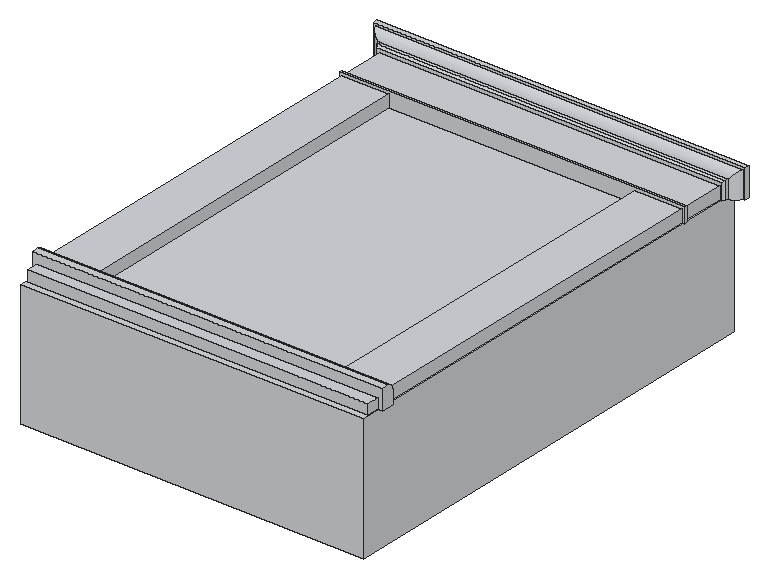
Revit family "M_Moldura-janela-interior-plana-cornija-vitoriana-1", category Modelos genéricos, Revit 2019
Family settings
  Hospedeiro = Face
  Pode hospedar o vergalhão = Não
  Cota do conector redondo = Utilizar diâmetro
  Tipo de parte = Normal
  Corte com vazios quando carregada = Não
  Compartilhado = Sim
  Ponto de cálculo do ambiente = Não
Parameters (values of type "com escudo")
  Largura da apara = 115 mm
  Espessura da apara = 30 mm
  Material da apara [instance] = none
  Espessura do peitoril = 30 mm
  Largura da abertura [instance] = 600 mm
  Altura da abertura [instance] = 900 mm
  Comprimento = Espessura da cornija * 0.8  # 32 mm
  Elevação-padrão = 1200 mm
  Espessura da cornija = 40 mm
  Profundidade de Cornija = Espessura da apara + 40 mm  # 70 mm
  Visibilidade do escudo = yes
  Espessura do escudo = 30 mm
Types (2, lengths in mm): name | Visibilidade do escudo
  com escudo | yes
  sem escudo | no
Reference planes
  plane 1 "Centro (Frente/Trás)": y = 0
  plane 2: z = 0
  plane 3 "Centro (Esquerda/Direita)": x = 0
  plane 4: y = 115
  plane 5 "Esquerda": x = -300
  plane 6 "Direita": x = 300
  plane 7 "Inferior": y = -900
  plane 8: x = 415
  plane 9 "1": x = -415
  plane 10: z = 30
  plane 11: x = 421.35
  plane 12: x = -421.35
  plane 13: y = -450
  plane 14: y = 155
  plane 15: z = 70
  plane 16: z = 48.625
  plane 17: x = -453.35
  plane 18: x = 453.35
  plane 19: y = -930
  plane 20: x = -427.7
  plane 21: x = 427.7
  plane 22: y = 137.857
  plane 23: y = 126.429
  plane 24: z = 39.688
  plane 25: z = 37.937
  plane 26: z = 59.312
  plane 27: y = 149.286
  plane 28: y = 132.143
  plane 29: y = 120.714
  plane 30: y = 143.571
  plane 31: z = 64.656
  plane 32: z = 67.328
  plane 33: z = 61.984
  plane 34: y = 152.143
  plane 35: y = 143.571
  plane 36: y = 132.143
  plane 37: y = 120.714
  plane 38: y = 126.429
  plane 39: y = 149.286
  plane 40: y = 137.857
  plane 41: x = -442.683
  plane 42: x = -432.017
  plane 43: x = 432.017
  plane 44: x = 442.683
  plane 45: y = 6.35
  plane 46: z = 36.35
  plane 47: y = -960
  plane 48: z = 25.4
  plane 49: z = 43.281
  plane 50: x = -448.017
  plane 51: x = -426.683
  plane 52: z = 49.05
  plane 53: z = 36.35
  plane 54: y = -912.7
  plane 55: x = 426.683
  plane 56: x = 448.017
Forms (mm)
  Extrusion 1, solid
    sketch origin (0, 0, 0) x (1, 0, 0) y (0, 1, 0)
      loop
        line (-419.1, 152.4) -> (-419.1, -977.9) -> (419.1, -977.9) -> (419.1, 152.4) -> (-419.1, 152.4)
    from 0 to -304.8
  Extrusion 2, solid, material <- "Material da apara"
    sketch origin (0, 0, 0) x (1, 0, 0) y (0, 1, 0)
      loop
        line (-415, -900) -> (-300, -900) -> (-300, 0) -> (300, 0) -> (300, -900) -> (415, -900) -> (415, 115) -> (-415, 115) -> (-415, -900)
    from 0 to 30
  Extrusion 3, solid, material <- "Material da apara"
    sketch origin (0, 0, 0) x (0, 1, 0) y (0, 0, 1)
      loop
        line (-900, 0) -> (-900, 36.35)
        arc (-900, 36.35) -> (-903.72, 45.33) -> (-912.7, 49.05) r 12.7
        line (-912.7, 49.05) -> (-930, 49.05) -> (-930, 0) -> (-900, 0)
    from -427.7 to 427.7
  Extrusion 4, solid, material <- "Material da apara"
    sketch origin (-415, 0, 0) x (0, -1, 0) y (0, 0, 1)
      loop
        line (-155, 0) -> (-115, 0) -> (-115, 37.937)
        arc (-115, 37.937) -> (-118.831, 39.568) -> (-120.714, 43.281) r 6.081
        line (-120.714, 43.281) -> (-126.429, 43.281)
        arc (-126.429, 43.281) -> (-132.284, 56.147) -> (-143.571, 64.656) r 28.695
        line (-143.571, 64.656) -> (-143.571, 70) -> (-155, 70) -> (-155, 0)
    from -868.35 to 38.35
  Extrusion 5, void
    sketch origin (0, 0, 0) x (1, 0, 0) y (0, 1, 0)
      loop
        line (-453.35, 115) -> (-421.35, 115)
        arc (-421.35, 115) -> (-423.028, 118.78) -> (-426.683, 120.714) r 6.323
        line (-426.683, 120.714) -> (-426.683, 126.429)
        arc (-426.683, 126.429) -> (-439.554, 132.257) -> (-448.017, 143.571) r 28.364
        line (-448.017, 143.571) -> (-453.35, 143.571) -> (-453.35, 115)
      loop
        line (421.35, 115) -> (453.35, 115) -> (453.35, 143.571) -> (448.017, 143.571)
        arc (448.017, 143.571) -> (439.554, 132.257) -> (426.683, 126.429) r 28.364
        line (426.683, 126.429) -> (426.683, 120.714)
        arc (426.683, 120.714) -> (423.029, 118.779) -> (421.35, 115) r 6.328
    from 0 to 70
  Extrusion 6, solid, material <- "Material da apara"
    sketch origin (0, 0, 0) x (1, 0, 0) y (0, 1, 0)
      loop
        line (-421.35, 6.35) -> (-421.35, 0) -> (421.35, 0) -> (421.35, 6.35) -> (-421.35, 6.35)
    from 0 to 36.35
  Extrusion 7, solid, material <- "Material da apara", visible <- "Visibilidade do escudo"
    sketch origin (-300, 0, 0) x (0, 1, 0) y (0, 0, 1)
      loop
        line (-930, 25.4) -> (-960, 25.4) -> (-960, 0) -> (-930, 0) -> (-930, 25.4)
    from -115 to 715
Cuts and joins
  joined: Extrusion 2, Extrusion 6
  Extrusion 5 cuts Extrusion 4
Dimensions and locks
  equal spacing: plane 5 "Esquerda", plane 3 "Centro (Esquerda/Direita)", plane 6 "Direita"
  "Largura da abertura": plane 5 "Esquerda" to plane 6 "Direita"
  "Altura da abertura": plane 7 "Inferior" to plane 1 "Centro (Frente/Trás)"
  "Largura da apara": plane 9 "1" to plane 5 "Esquerda"
  "Largura da apara": plane 6 "Direita" to plane 8
  "Largura da apara": plane 1 "Centro (Frente/Trás)" to plane 4
  locked: plane 12 to plane 9 "1" at 6.35
  locked: plane 8 to plane 11 at 6.35
  equal spacing: plane 7 "Inferior", plane 13, plane 1 "Centro (Frente/Trás)"
  "Espessura da apara": plane 10 to plane 2
  "Comprimento": plane 17 to plane 12
  "Comprimento": plane 11 to plane 18
  "Espessura da cornija": plane 14 to plane 4
  "Espessura do peitoril": plane 7 "Inferior" to plane 19
  "Profundidade de Cornija": plane 15 to plane 2
  locked: plane 20 to plane 9 "1" at 12.7
  locked: plane 8 to plane 21 at 12.7
  locked: plane 25 to plane 10 at 7.937
  equal spacing: plane 15, plane 26, plane 16, plane 25
  equal spacing: plane 14, plane 27, plane 30, plane 22, plane 28, plane 23, plane 29, plane 4
  equal spacing: plane 15, plane 32, plane 31, plane 33, plane 26
  equal spacing: plane 14, plane 34, plane 27
  equal spacing: plane 14, plane 39, plane 35, plane 40, plane 36, plane 38, plane 37, plane 4
  equal spacing: plane 17, plane 41, plane 42, plane 12
  equal spacing: plane 11, plane 43, plane 44, plane 18
  locked: plane 45 to plane 1 "Centro (Frente/Trás)" at 6.35
  locked: plane 46 to plane 10 at 6.35
  "Espessura do escudo": plane 19 to plane 47
  locked: plane 48 to plane 2 at 25.4
  equal spacing: plane 16, plane 49, plane 25
  equal spacing: plane 17, plane 50, plane 41
  equal spacing: plane 42, plane 51, plane 12
  locked: plane 52 to plane 10 at 19.05
  locked: plane 52 to plane 53 at 12.7
  locked: plane 7 "Inferior" to plane 54 at 12.7
  equal spacing: plane 11, plane 55, plane 43
  equal spacing: plane 44, plane 56, plane 18
  radius of Extrusion 3 sketch curve = 12.7 mm
  locked: Extrusion 3 sketch curve to Extrusion 3 sketch curve (angle 90.00°)
  aligned and locked: plane 2 to Extrusion 1
  aligned and locked: level to Extrusion 1
  aligned and locked: Extrusion 2 sketch curve to plane 5 "Esquerda"
  aligned and locked: Extrusion 2 sketch curve to plane 9 "1"
  aligned and locked: plane 7 "Inferior" to Extrusion 2 sketch curve  (x2)
  aligned and locked: plane 1 "Centro (Frente/Trás)" to Extrusion 2 sketch curve
  aligned and locked: plane 8 to Extrusion 2 sketch curve
  aligned and locked: Extrusion 2 sketch curve to plane 6 "Direita"
  aligned and locked: plane 10 to Extrusion 2
  aligned and locked: Extrusion 3 sketch curve to level
  aligned and locked: Extrusion 2 sketch curve to plane 4
  aligned and locked: plane 17 to Extrusion 4
  aligned and locked: plane 18 to Extrusion 4
  aligned and locked: plane 15 to Extrusion 5
  aligned and locked: Extrusion 5 to plane 2
  aligned and locked: plane 20 to Extrusion 3
  aligned and locked: Extrusion 3 to plane 21
  aligned and locked: plane 2 to Extrusion 4 sketch curve  (x2)
  aligned and locked: plane 4 to Extrusion 4 sketch curve  (x2)
  aligned and locked: plane 25 to Extrusion 4 sketch curve
  aligned and locked: plane 14 to Extrusion 4 sketch curve  (x2)
  aligned and locked: plane 17 to Extrusion 5 sketch curve  (x2)
  aligned and locked: plane 12 to Extrusion 5 sketch curve
  aligned and locked: Extrusion 5 sketch curve to plane 4  (x2)
  aligned and locked: plane 18 to Extrusion 5 sketch curve  (x2)
  aligned and locked: plane 4 to Extrusion 5 sketch curve
  aligned and locked: plane 35 to Extrusion 5 sketch curve
  aligned and locked: Extrusion 6 sketch curve to plane 1 "Centro (Frente/Trás)"
  aligned and locked: Extrusion 6 sketch curve to plane 45
  aligned and locked: Extrusion 6 sketch curve to plane 12
  aligned and locked: plane 11 to Extrusion 6 sketch curve
  aligned and locked: plane 46 to Extrusion 6
  aligned and locked: plane 47 to Extrusion 7 sketch curve
  aligned and locked: plane 48 to Extrusion 7 sketch curve
  aligned and locked: Extrusion 7 sketch curve to plane 19
  aligned and locked: plane 2 to Extrusion 7 sketch curve
  aligned and locked: Extrusion 7 to plane 8
  aligned and locked: plane 9 "1" to Extrusion 7
  aligned and locked: cut or joined group of Extrusion 2, Extrusion 6 to plane 2
  aligned and locked: plane 29 to Extrusion 4 sketch curve
  aligned and locked: plane 23 to Extrusion 4 sketch curve
  aligned and locked: Extrusion 4 sketch curve to plane 49
  aligned and locked: plane 31 to Extrusion 4 sketch curve
  aligned and locked: plane 15 to Extrusion 4 sketch curve
  aligned and locked: Extrusion 4 sketch curve to plane 30
  aligned and locked: Extrusion 4 sketch curve to plane 15
  aligned and locked: plane 38 to Extrusion 5 sketch curve  (x2)
  aligned and locked: plane 37 to Extrusion 5 sketch curve  (x2)
  aligned and locked: plane 51 to Extrusion 5 sketch curve
  aligned and locked: plane 50 to Extrusion 5 sketch curve
  aligned and locked: plane 54 to Extrusion 3 sketch curve
  aligned and locked: plane 52 to Extrusion 3 sketch curve
  aligned and locked: plane 53 to Extrusion 3 sketch curve
  aligned and locked: plane 19 to Extrusion 3 sketch curve
  aligned and locked: Extrusion 3 sketch curve to plane 52
  aligned and locked: plane 11 to Extrusion 5 sketch curve
  aligned and locked: Extrusion 5 sketch curve to plane 55
  aligned and locked: plane 56 to Extrusion 5 sketch curve
  aligned and locked: Extrusion 5 sketch curve to plane 35
Automatic sketch dimensions
  Extrusion 1 sketch curve to Extrusion 1 sketch curve = 838.2 mm
  Extrusion 1 sketch curve to Extrusion 1 sketch curve = 1130.3 mm
  Extrusion 4 sketch curve to plane 14 = 0.331 mm
  plane 49 to Extrusion 4 sketch curve = 0.728 mm
  Extrusion 5 sketch curve to plane 35 = 0 mm
  plane 20 to Extrusion 5 sketch curve = 0.049 mm
  plane 12 to Extrusion 5 sketch curve = 0.437 mm
  Extrusion 5 sketch curve to plane 11 = 0.437 mm
  plane 21 to Extrusion 5 sketch curve = 0.045 mm
